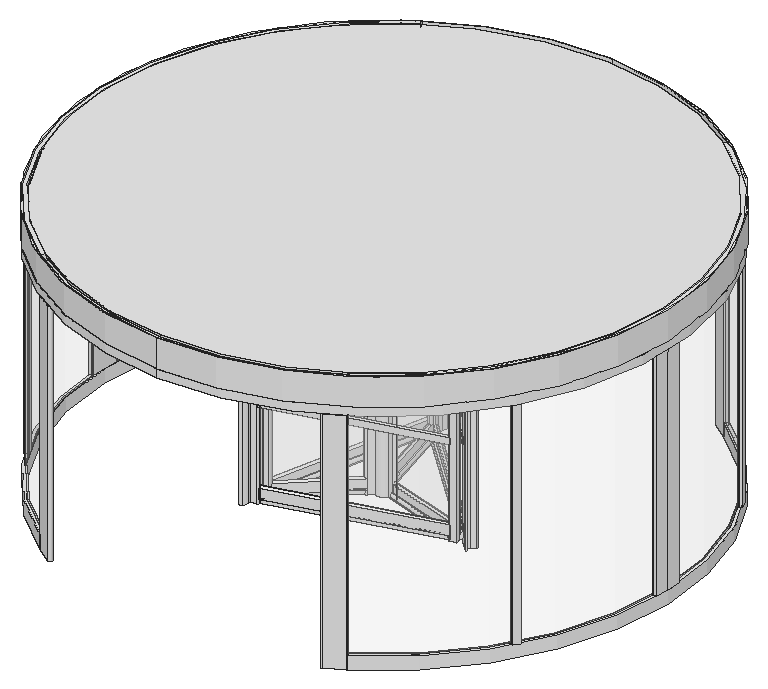
Revit family "Automatic Revolving Door RD3L", category Doors, host Wall, Revit 2019 (continued)
Lines and regions (in)
  symbolic lines, detail levels medium+fine
    curve 168: line (5.11927, -1.50476, 86.5) -> (5.18505, -1.25925, 86.5)
    curve 169: line (5.18505, -1.25925, 86.5) -> (5.83189, -1.43257, 86.5)
    curve 170: arc (5.83189, -1.43257, 86.5) -> (5.64045, -0.87543, 86.5) -> (5.14897, -0.55062, 86.5) r 0.91454
    curve 171: line (-0.03423, 3.17002, 86.5) -> (-0.56409, 5.14751, 86.5)
    curve 172: arc (-0.56409, 5.14751, 86.5) -> (-0.88254, 5.63301, 86.5) -> (-1.42927, 5.82847, 86.5) r 0.91332
    curve 173: line (-1.42927, 5.82847, 86.5) -> (-1.25712, 5.18599, 86.5)
    curve 174: line (-1.25712, 5.18599, 86.5) -> (-1.5043, 5.11976, 86.5)
    curve 175: line (-1.5043, 5.11976, 86.5) -> (-1.67645, 5.76224, 86.5)
    curve 176: arc (-1.67645, 5.76224, 86.5) -> (-2.05086, 5.31906, 86.5) -> (-2.08524, 4.73992, 86.5) r 0.91912
    curve 177: line (-2.08524, 4.73992, 86.5) -> (-1.55537, 2.76243, 86.5)
    curve 178: line (-1.55537, 2.76243, 86.5) -> (-0.03423, 3.17002, 86.5)
    curve 179: line (-23.63953, -24.75309, 86.5) -> (-3.21539, -4.32894, 86.5)
    curve 180: line (-3.21539, -4.32894, 86.5) -> (-4.32894, -3.21539, 86.5)
    curve 181: line (-4.32894, -3.21539, 86.5) -> (-24.75309, -23.63953, 86.5)
    curve 182: line (-24.75309, -23.63953, 86.5) -> (-23.63953, -24.75309, 86.5)
    curve 185: line (33.25577, -8.09608, 86.5) -> (5.35622, -0.62042, 86.5)
    curve 186: line (5.35622, -0.62042, 86.5) -> (4.94823, -2.14308, 86.5)
    curve 187: line (4.94823, -2.14308, 86.5) -> (32.84778, -9.61875, 86.5)
    curve 188: line (32.84778, -9.61875, 86.5) -> (33.25577, -8.09608, 86.5)
    curve 191: line (-0.6226, 5.35601, 87.09055) -> (-8.09835, 33.25591, 87.09055)
    curve 192: line (-8.09835, 33.25591, 87.09055) -> (-9.6195, 32.84832, 87.09055)
    curve 193: line (-9.6195, 32.84832, 87.09055) -> (-2.14374, 4.94842, 87.09055)
    curve 194: line (-2.14374, 4.94842, 87.09055) -> (-0.6226, 5.35601, 87.09055)
    curve 197: arc (-23.81646, -23.63551, 86.5) -> (-24.38746, -23.53285, 86.5) -> (-24.9062, -23.79265, 86.5) r 0.91912
    curve 198: line (-24.9062, -23.79265, 86.5) -> (-26.35382, -25.24027, 86.5)
    curve 199: line (-26.35382, -25.24027, 86.5) -> (-25.24027, -26.35382, 86.5)
    curve 200: line (-25.24027, -26.35382, 86.5) -> (-23.79265, -24.9062, 86.5)
    curve 201: arc (-23.79265, -24.9062, 86.5) -> (-23.53137, -24.38768, 86.5) -> (-23.63551, -23.81646, 86.5) r 0.91317
    curve 202: line (-23.63551, -23.81646, 86.5) -> (-24.10583, -24.28679, 86.5)
    curve 203: line (-24.10583, -24.28679, 86.5) -> (-24.28679, -24.10583, 86.5)
    curve 204: line (-24.28679, -24.10583, 86.5) -> (-23.81646, -23.63551, 86.5)
    curve 205: line (-25.18054, -23.139, 86.5) -> (-25.33016, -23.7871, 86.5)
    curve 206: line (-25.33016, -23.7871, 86.5) -> (-25.57951, -23.72954, 86.5)
    curve 207: line (-25.57951, -23.72954, 86.5) -> (-25.42989, -23.08144, 86.5)
    curve 208: arc (-25.42989, -23.08144, 86.5) -> (-25.96842, -23.29661, 86.5) -> (-26.27063, -23.79158, 86.5) r 0.9183
    curve 209: line (-26.27063, -23.79158, 86.5) -> (-26.7313, -25.78695, 86.5)
    curve 210: line (-26.7313, -25.78695, 86.5) -> (-25.19686, -26.1412, 86.5)
    curve 211: line (-25.19686, -26.1412, 86.5) -> (-24.73633, -24.14643, 86.5)
    curve 212: arc (-24.73633, -24.14643, 86.5) -> (-24.78953, -23.56824, 86.5) -> (-25.18054, -23.139, 86.5) r 0.91318
    curve 213: line (-8.6818, 35.44321, 86.5) -> (-10.20294, 35.03562, 86.5)
    curve 214: line (-10.20294, 35.03562, 86.5) -> (-9.67308, 33.05814, 86.5)
    curve 215: arc (-9.67308, 33.05814, 86.5) -> (-9.35374, 32.57378, 86.5) -> (-8.80791, 32.37718, 86.5) r 0.91912
    curve 216: line (-8.80791, 32.37718, 86.5) -> (-8.98006, 33.01966, 86.5)
    curve 217: line (-8.98006, 33.01966, 86.5) -> (-8.73287, 33.08589, 86.5)
    curve 218: line (-8.73287, 33.08589, 86.5) -> (-8.56072, 32.44341, 86.5)
    curve 219: arc (-8.56072, 32.44341, 86.5) -> (-8.18557, 32.88629, 86.5) -> (-8.15194, 33.46573, 86.5) r 0.91592
    curve 220: line (-8.15194, 33.46573, 86.5) -> (-8.6818, 35.44321, 86.5)
    curve 221: line (-7.46925, 34.64724, 86.5) -> (-8.96651, 36.04346, 86.5)
    curve 222: line (-8.96651, 36.04346, 86.5) -> (-10.04052, 34.89172, 86.5)
    curve 223: line (-10.04052, 34.89172, 86.5) -> (-8.54326, 33.4955, 86.5)
    curve 224: arc (-8.54326, 33.4955, 86.5) -> (-8.01577, 33.25397, 86.5) -> (-7.4487, 33.37649, 86.5) r 0.91912
    curve 225: line (-7.4487, 33.37649, 86.5) -> (-7.93515, 33.83012, 86.5)
    curve 226: line (-7.93515, 33.83012, 86.5) -> (-7.76062, 34.01727, 86.5)
    curve 227: line (-7.76062, 34.01727, 86.5) -> (-7.27417, 33.56365, 86.5)
    curve 228: arc (-7.27417, 33.56365, 86.5) -> (-7.1915, 34.13789, 86.5) -> (-7.46925, 34.64724, 86.5) r 0.91912
    curve 229: line (-10.81516, 36.15279, 86.5) -> (-10.00037, 39.682, 86.5)
    curve 230: line (-10.00037, 39.682, 86.5) -> (-10.11139, 39.70763, 86.5)
    curve 231: line (-10.11139, 39.70763, 86.5) -> (-9.64253, 41.70452, 86.5)
    curve 232: line (-9.64253, 41.70452, 86.5) -> (-9.85736, 41.75412, 86.5)
    curve 233: line (-9.85736, 41.75412, 86.5) -> (-10.30593, 39.81115, 86.5)
    curve 234: line (-10.30593, 39.81115, 86.5) -> (-10.43297, 39.84048, 86.5)
    curve 235: line (-10.43297, 39.84048, 86.5) -> (-11.76138, 40.75292, 86.5)
    curve 236: arc (-11.76138, 40.75292, 86.5) -> (-12.45307, 41.17584, 86.5) -> (-13.21794, 41.44468, 86.5) r 3.85376
    curve 237: arc (-13.21794, 41.44468, 86.5) -> (-13.76566, 41.24932, 86.5) -> (-13.81081, 40.66955, 86.5) r 0.53446
    curve 238: arc (-13.81081, 40.66955, 86.5) -> (-13.14647, 39.63497, 86.5) -> (-12.33813, 38.70853, 86.5) r 8.39403
    curve 239: line (-12.33813, 38.70853, 86.5) -> (-11.8664, 38.59962, 86.5)
    curve 240: line (-11.8664, 38.59962, 86.5) -> (-12.35219, 36.49543, 86.5)
    curve 241: arc (-12.35219, 36.49543, 86.5) -> (-12.29618, 35.92242, 86.5) -> (-11.90538, 35.49961, 86.5) r 0.90336
    curve 242: line (-11.90538, 35.49961, 86.5) -> (-11.75576, 36.14771, 86.5)
    curve 243: line (-11.75576, 36.14771, 86.5) -> (-11.50641, 36.09015, 86.5)
    curve 244: line (-11.50641, 36.09015, 86.5) -> (-11.65604, 35.44205, 86.5)
    curve 245: arc (-11.65604, 35.44205, 86.5) -> (-11.1164, 35.65639, 86.5) -> (-10.81516, 36.15279, 86.5) r 0.91294
    curve 246: line (35.44506, -8.6823, 86.5) -> (33.4636, -8.15137, 86.5)
    curve 247: arc (33.4636, -8.15137, 86.5) -> (32.88426, -8.18652, 86.5) -> (32.44236, -8.56283, 86.5) r 0.91592
    curve 248: line (32.44236, -8.56283, 86.5) -> (33.0846, -8.73491, 86.5)
    curve 249: line (33.0846, -8.73491, 86.5) -> (33.01882, -8.98042, 86.5)
    curve 250: line (33.01882, -8.98042, 86.5) -> (32.37629, -8.80825, 86.5)
    curve 251: arc (32.37629, -8.80825, 86.5) -> (32.57308, -9.35554, 86.5) -> (33.06, -9.67357, 86.5) r 0.91472
    curve 252: line (33.06, -9.67357, 86.5) -> (35.03748, -10.20344, 86.5)
    curve 253: line (35.03748, -10.20344, 86.5) -> (35.44506, -8.6823, 86.5)
    curve 254: line (39.29656, -8.95289, 86.5) -> (37.79052, -7.54849, 86.5)
    curve 255: arc (37.79052, -7.54849, 86.5) -> (37.2611, -7.31626, 86.5) -> (36.69626, -7.43944, 86.5) r 0.93576
    curve 256: line (36.69626, -7.43944, 86.5) -> (37.18272, -7.89307, 86.5)
    curve 257: line (37.18272, -7.89307, 86.5) -> (37.00819, -8.08023, 86.5)
    curve 258: line (37.00819, -8.08023, 86.5) -> (36.52173, -7.6266, 86.5)
    curve 259: arc (36.52173, -7.6266, 86.5) -> (36.43766, -8.20109, 86.5) -> (36.71681, -8.71019, 86.5) r 0.91341
    curve 260: line (36.71681, -8.71019, 86.5) -> (39.36581, -11.18042, 86.5)
    curve 261: line (39.36581, -11.18042, 86.5) -> (39.4383, -11.10268, 86.5)
    curve 262: line (39.4383, -11.10268, 86.5) -> (40.93844, -12.50159, 86.5)
    curve 263: line (40.93844, -12.50159, 86.5) -> (41.08881, -12.34034, 86.5)
    curve 264: line (41.08881, -12.34034, 86.5) -> (39.60175, -11.01309, 86.5)
    curve 265: line (39.60175, -11.01309, 86.5) -> (39.72506, -10.88086, 86.5)
    curve 266: line (39.72506, -10.88086, 86.5) -> (41.17375, -10.19081, 86.5)
    curve 267: arc (41.17375, -10.19081, 86.5) -> (41.88586, -9.80324, 86.5) -> (42.50112, -9.27527, 86.5) r 3.85376
    curve 268: arc (42.50112, -9.27527, 86.5) -> (42.59672, -8.68267, 86.5) -> (42.08131, -8.37498, 86.5) r 0.53446
    curve 269: arc (42.08131, -8.37498, 86.5) -> (40.94766, -8.34354, 86.5) -> (39.84532, -8.61, 86.5) r 4.29379
    curve 270: arc (39.84532, -8.61, 86.5) -> (39.5547, -8.75545, 86.5) -> (39.29656, -8.95289, 86.5) r 1.72307
    curve 271: line (33.74001, -10.85506, 86.5) -> (35.81075, -10.22198, 86.5)
    curve 272: line (35.81075, -10.22198, 86.5) -> (35.35032, -8.71598, 86.5)
    curve 273: line (35.35032, -8.71598, 86.5) -> (33.27959, -9.34907, 86.5)
    curve 274: arc (33.27959, -9.34907, 86.5) -> (32.80542, -9.68421, 86.5) -> (32.62924, -10.23748, 86.5) r 0.91298
    curve 275: line (32.62924, -10.23748, 86.5) -> (33.26532, -10.04302, 86.5)
    curve 276: line (33.26532, -10.04302, 86.5) -> (33.34014, -10.28774, 86.5)
    curve 277: line (33.34014, -10.28774, 86.5) -> (32.70406, -10.48221, 86.5)
    curve 278: arc (32.70406, -10.48221, 86.5) -> (33.16003, -10.84092, 86.5) -> (33.74001, -10.85506, 86.5) r 0.91912
    curve 279: line (-25.90165, -27.44259, 86.5) -> (-29.36544, -28.50158, 86.5)
    curve 280: line (-29.36544, -28.50158, 86.5) -> (-29.33185, -28.61144, 86.5)
    curve 281: line (-29.33185, -28.61144, 86.5) -> (-31.2934, -29.21115, 86.5)
    curve 282: line (-31.2934, -29.21115, 86.5) -> (-31.23396, -29.40557, 86.5)
    curve 283: line (-31.23396, -29.40557, 86.5) -> (-29.3257, -28.82215, 86.5)
    curve 284: line (-29.3257, -28.82215, 86.5) -> (-29.28505, -28.95512, 86.5)
    curve 285: line (-29.28505, -28.95512, 86.5) -> (-29.41238, -30.56211, 86.5)
    curve 286: arc (-29.41238, -30.56211, 86.5) -> (-29.41192, -31.37092, 86.5) -> (-29.28318, -32.16941, 86.5) r 5.08326
    curve 287: arc (-29.28318, -32.16941, 86.5) -> (-28.84247, -32.56407, 86.5) -> (-28.31546, -32.29529, 86.5) r 0.52312
    curve 288: arc (-28.31546, -32.29529, 86.5) -> (-27.67031, -31.26186, 86.5) -> (-27.35798, -30.08429, 86.5) r 4.09217
    curve 289: arc (-27.35798, -30.08429, 86.5) -> (-27.35725, -30.04496, 86.5) -> (-27.36367, -30.00615, 86.5) r 0.21586
    curve 290: line (-27.36367, -30.00615, 86.5) -> (-27.49503, -29.5765, 86.5)
    curve 291: line (-27.49503, -29.5765, 86.5) -> (-25.4367, -28.9472, 86.5)
    curve 292: arc (-25.4367, -28.9472, 86.5) -> (-24.96508, -28.61143, 86.5) -> (-24.78952, -28.05976, 86.5) r 0.91469
    curve 293: line (-24.78952, -28.05976, 86.5) -> (-25.42585, -28.2543, 86.5)
    curve 294: line (-25.42585, -28.2543, 86.5) -> (-25.50067, -28.00958, 86.5)
    curve 295: line (-25.50067, -28.00958, 86.5) -> (-24.8657, -27.81545, 86.5)
    curve 296: arc (-24.8657, -27.81545, 86.5) -> (-25.32115, -27.45529, 86.5) -> (-25.90165, -27.44259, 86.5) r 0.91299
    curve 297: line (33.07194, -9.4105, 86.5) -> (-25.69405, -27.37707, 86.5)
    curve 298: line (-25.69405, -27.37707, 86.5) -> (-25.23316, -28.88457, 86.5)
    curve 299: line (-25.23316, -28.88457, 86.5) -> (33.53283, -10.918, 86.5)
    curve 300: line (33.53283, -10.918, 86.5) -> (33.07194, -9.4105, 86.5)
    curve 303: line (-24.68762, -23.93544, 86.5) -> (-10.86387, 35.9418, 86.5)
    curve 304: line (-10.86387, 35.9418, 86.5) -> (-12.39831, 36.29605, 86.5)
    curve 305: line (-12.39831, 36.29605, 86.5) -> (-26.22206, -23.58119, 86.5)
    curve 306: line (-26.22206, -23.58119, 86.5) -> (-24.68762, -23.93544, 86.5)
    curve 309: line (-8.38316, 33.34969, 86.5) -> (-7.30914, 34.50143, 86.5)
    curve 310: line (-8.38316, 33.34969, 86.5) -> (36.56018, -8.56065, 86.5)
    curve 311: line (37.6342, -7.40891, 86.5) -> (-7.30914, 34.50143, 86.5)
    curve 314: line (36.56018, -8.56065, 86.5) -> (37.6342, -7.40891, 86.5)
Text (in)
  text "Exterior" at (-90.35496, 43.28909, 0), in view "Ref. Level"
  text "Exterior" at (0, 63.59764, 145.59372), in view "Left"
  text "Exterior" at (0, 40.78868, 152.55637), in view "Right"
Dimensions and locks (in)
  equal spacing: plane 3 "Left", plane 2 "Center (Left/Right)", plane 4 "Right"
  "Width": plane 3 "Left" to plane 4 "Right"
  locked: plane 5 "Exterior" to host wall at 0
  locked: plane 6 "Interior" to host wall
  "TW": plane 7 to plane 8
  equal spacing: plane 7, plane 2 "Center (Left/Right)", plane 8
  locked: plane 9 to plane 7 at 6.49606
  locked: plane 8 to plane 10 at 6.49606
  "Radius 1": curve 2 to curve 2
  "Radius 1": curve 3 to curve 3
  "Radius 1": curve 4 to curve 4
  "Radius 1": curve 5 to curve 5
  "Radius 1": curve 6 to curve 6
  "Radius 1": curve 7 to curve 7
  "Radius 1": curve 8 to curve 8
  "Radius 1": curve 9 to curve 9
  "Radius 1": curve 10 to curve 10
  "Radius 1": curve 11 to curve 11
  Sweep 13 sketch curve to Sweep 13 sketch curve to Sweep 13 sketch curve to Sweep 13 sketch curve to Sweep 13 sketch curve to plane 4 "Right" = 0' - 2.3622" locked, 0' - 3.54331" locked, 0' - 0.15748" locked, 0' - 0.43418" locked, 0' - 1.73117" locked
  "Wing Length": curve 12 to curve 12
  "Wing Length": curve 13 to curve 13
  "Wing Length": curve 14 to curve 14
  curve 14 to Sweep 24 sketch curve to Sweep 24 sketch curve to Sweep 24 sketch curve to Sweep 24 sketch curve to Sweep 24 sketch curve to Sweep 24 sketch curve to Sweep 24 sketch curve to Sweep 24 sketch curve = 0' - 0.23622" locked, 0' - 2.04724" locked, 0' - 0" locked, 0' - 0" locked, 0' - 0.0024" locked, 0' - 0.21414" locked, 0' - 0.66514" locked, 0' - 0" locked
  curve 14 to Sweep 24 sketch curve to Sweep 24 sketch curve to Sweep 24 sketch curve to Sweep 24 sketch curve to Sweep 24 sketch curve to Sweep 24 sketch curve = 0' - 3.07087" locked, 0' - 2.04724" locked, 0' - 0.00435" locked, 0' - 0.21219" locked, 0' - 0.66514" locked, 0' - 0" locked
  curve 12 to Sweep 20 sketch curve to Sweep 20 sketch curve to Sweep 20 sketch curve to Sweep 20 sketch curve to Sweep 20 sketch curve to Sweep 20 sketch curve to Sweep 20 sketch curve = 0' - 3.06879" locked, 0' - 2.05001" locked, 0' - 0" locked, 0' - 0.00249" locked, 0' - 0.213" locked, 0' - 0.66026" locked, 0' - 0.00939" locked
  Sweep 20 sketch curve to Sweep 20 sketch curve to Sweep 20 sketch curve to Sweep 20 sketch curve to Sweep 20 sketch curve to Sweep 20 sketch curve to curve 12 = 0' - 0.00029" locked, 0' - 0.6649" locked, 0' - 0.21505" locked, 0' - 0.00412" locked, 0' - 2.04724" locked, 0' - 0.2343" locked
  Sweep 22 sketch curve to Sweep 22 sketch curve to Sweep 22 sketch curve to Sweep 22 sketch curve to Sweep 22 sketch curve to Sweep 22 sketch curve to curve 13 = 0' - 0" locked, 0' - 0.66514" locked, 0' - 0.21208" locked, 0' - 0.00446" locked, 0' - 2.04724" locked, 0' - 0.23622" locked
  curve 13 to Sweep 22 sketch curve to Sweep 22 sketch curve to Sweep 22 sketch curve to Sweep 22 sketch curve to Sweep 22 sketch curve to Sweep 22 sketch curve = 0' - 3.07087" locked, 0' - 2.04724" locked, 0' - 0" locked, 0' - 0.21654" locked, 0' - 0.66514" locked, 0' - 0" locked
  "Folding Length": curve 17 to curve 17
  Sweep 30 sketch curve to curve 17 to Sweep 30 sketch curve to Sweep 30 sketch curve to Sweep 30 sketch curve to Sweep 30 sketch curve to Sweep 30 sketch curve to Sweep 30 sketch curve to Sweep 30 sketch curve = 0' - 0.11811" locked, 0' - 2.04724" locked, 0' - 0" locked, 0' - 0" locked, 0' - 0.00461" locked, 0' - 0.21193" locked, 0' - 0.66514" locked, 0' - 0" locked
  Sweep 30 sketch curve to Sweep 30 sketch curve to Sweep 30 sketch curve to Sweep 30 sketch curve to Sweep 30 sketch curve to Sweep 30 sketch curve to Sweep 30 sketch curve to Sweep 30 sketch curve to Sweep 30 sketch curve to Sweep 30 sketch curve to Sweep 30 sketch curve to Sweep 30 sketch curve to curve 17 to Sweep 30 sketch curve to Sweep 30 sketch curve = 0' - 0.00142" locked, 0' - 0.42249" locked, 0' - 0.2415" locked, 0' - 0.21296" locked, 0' - 0" locked, 0' - 0.00014" locked, 0' - 0.0046" locked, 0' - 2.14764" locked, 0' - 1.47441" locked, 0' - 0.05573" locked, 0' - 0.41572" locked, 0' - 1.53643" locked, 0' - 0.04331" locked, 0' - 0.25043" locked
  Sweep 26 sketch curve to curve 15 to Sweep 26 sketch curve to Sweep 26 sketch curve to Sweep 26 sketch curve to Sweep 26 sketch curve to Sweep 26 sketch curve to Sweep 26 sketch curve to Sweep 26 sketch curve = 0' - 0" locked, 0' - 2.04724" locked, 0' - 0" locked, 0' - 0" locked, 0' - 0" locked, 0' - 0.21654" locked, 0' - 0.66514" locked, 0' - 0" locked
  Sweep 26 sketch curve to Sweep 26 sketch curve to curve 15 to Sweep 26 sketch curve to Sweep 26 sketch curve to Sweep 26 sketch curve to Sweep 26 sketch curve to Sweep 26 sketch curve to Sweep 26 sketch curve to Sweep 26 sketch curve to Sweep 26 sketch curve to Sweep 26 sketch curve = 0' - 0.41153" locked, 0' - 0.04331" locked, 0' - 1.54861" locked, 0' - 0.31058" locked, 0' - 0.09024" locked, 0' - 0.05844" locked, 0' - 3.62205" locked, 0' - 0.00702" locked, 0' - 0.20952" locked, 0' - 0.66514" locked, 0' - 0" locked
  Sweep 28 sketch curve to Sweep 28 sketch curve to Sweep 28 sketch curve to Sweep 28 sketch curve to Sweep 28 sketch curve to Sweep 28 sketch curve to Sweep 28 sketch curve to curve 16 to Sweep 28 sketch curve = 0' - 0" locked, 0' - 0.66514" locked, 0' - 0.21208" locked, 0' - 0.00384" locked, 0' - 0" locked, 0' - 0.00061" locked, 0' - 2.04724" locked, 0' - 0" locked
  Sweep 28 sketch curve to Sweep 28 sketch curve to curve 16 to Sweep 28 sketch curve to Sweep 28 sketch curve to Sweep 28 sketch curve to Sweep 28 sketch curve to Sweep 28 sketch curve to Sweep 28 sketch curve to Sweep 28 sketch curve to Sweep 28 sketch curve to Sweep 28 sketch curve to Sweep 28 sketch curve to Sweep 28 sketch curve to Sweep 28 sketch curve to Sweep 28 sketch curve = 0' - 3.61658" locked, 0' - 0.04331" locked, 0' - 1.36054" locked, 0' - 0.18807" locked, 0' - 0.40216" locked, 0' - 0.0571" locked, 0' - 1.47441" locked, 0' - 1.38559" locked, 0' - 0.76206" locked, 0' - 0.00463" locked, 0' - 0.00726" locked, 0' - 0" locked, 0' - 0.20464" locked, 0' - 0.66514" locked, 0' - 0" locked
  "Folding Length": curve 15 to curve 15
  curve 17 to curve 17 = 5' - 9 9/16"
  "Folding Length": curve 16 to curve 16
  "HF Calc": plane 11 to level
  "HI Calc": plane 12 to level
  locked: plane 11 to Sweep 1 sketch curve at 0.5096
  locked: plane 11 to Sweep 4 sketch curve at 0.50873
  Sweep 18 sketch curve to Sweep 18 sketch curve to plane 12 = 0' - 2.55906" locked, 0' - 0.59055" locked
  Sweep 44 sketch curve to Sweep 44 sketch curve to plane 12 = 0' - 1.02362" locked, 0' - 3.14961" locked
  Sweep 13 sketch curve to Sweep 13 sketch curve to Sweep 13 sketch curve to plane 12 = 0' - 0.98425" locked, 0' - 3.14961" locked, 0' - 3.14961" locked
  Sweep 13 sketch curve to plane 13 to Sweep 13 sketch curve to Sweep 13 sketch curve to Sweep 13 sketch curve = 0' - 0" locked, 0' - 0.63419" locked, 0' - 1.55917" locked, 0' - 0.98425" locked
  Sweep 3 sketch curve to Sweep 3 sketch curve to Sweep 3 sketch curve to plane 12 = 0' - 0.98425" locked, 0' - 3.14961" locked, 0' - 3.14961" locked
  plane 13 to Sweep 3 sketch curve to Sweep 3 sketch curve to Sweep 3 sketch curve to Sweep 3 sketch curve = 0' - 0" locked, 0' - 0.63419" locked, 0' - 1.55917" locked, 0' - 0.98425" locked
  locked: Sweep 45 sketch curve to plane 12 at 3.14961
  locked: plane 13 to Extrusion 6 at 0.62992
  locked: plane 12 to Sweep 21 sketch curve at 1.57629
  locked: Sweep 21 sketch curve to level at 4.87159
  locked: plane 12 to Sweep 31 sketch curve at 1.57629
  locked: Sweep 31 sketch curve to level at 5.87552
  locked: plane 12 to Sweep 23 sketch curve at 1.5735
  locked: Sweep 23 sketch curve to level at 4.87303
  locked: plane 12 to Sweep 25 sketch curve at 1.5735
  locked: Sweep 25 sketch curve to level at 4.87227
  locked: plane 12 to Sweep 29 sketch curve at 1.5748
  locked: Sweep 29 sketch curve to level at 4.94639
  locked: plane 12 to Sweep 27 sketch curve at 1.57465
  locked: Sweep 27 sketch curve to level at 4.87402
  "Above Panel Height Calc": plane 13 to plane 12
  locked: Sweep 5 sketch curve to plane 12 at 0.59055
  locked: Sweep 2 sketch curve to plane 12 at 0.59055
  "Midrail Height Calc": plane 14 to level
  "Radius 1": radius of Sweep 1 sketch curve
  "Radius 1": radius of Sweep 4 sketch curve
  "Radius 1": radius of Sweep 5 sketch curve
  "Distance": radius of Extrusion 6 sketch curve
  "Radius 1": radius of Sweep 2 sketch curve
  "Radius 1": radius of Sweep 13 sketch curve
  radius of Sweep 30 sketch curve = 0' - 0.91299"
  radius of Sweep 30 sketch curve = 0' - 4.09217"
  radius of Sweep 30 sketch curve = 0' - 0.52312"
  radius of Sweep 30 sketch curve = 0' - 5.08326"
  radius of Sweep 26 sketch curve = 0' - 3.85376"
  radius of Sweep 26 sketch curve = 0' - 0.53446"
  radius of Sweep 26 sketch curve = 0' - 1.72307"
  radius of Sweep 26 sketch curve = 0' - 4.29379"
  radius of Sweep 26 sketch curve = 0' - 0.93576"
  radius of Sweep 26 sketch curve = 0' - 0.91341"
  "Distance": radius of Sweep 44 sketch curve
  "Radous 4": radius of Sweep 45 sketch curve
  "Radius 2": radius of Sweep 45 sketch curve
  locked: curve 2 to host wall (angle 30.00°)
  locked: host wall to curve 4 (angle 30.00°)
  angle host wall to curve 5 = 0.00°
  locked: host wall to curve 6 (angle 30.00°)
  locked: curve 7 to host wall (angle 30.00°)
  "Frame angle": angle curve 8 to plane 2 "Center (Left/Right)"
  "Frame angle": angle curve 9 to plane 2 "Center (Left/Right)"
  "Frame angle": angle plane 2 "Center (Left/Right)" to curve 10
  "Frame angle": angle plane 2 "Center (Left/Right)" to curve 11
  locked: curve 13 to curve 12 (angle 120.00°)
  angle curve 14 to curve 13 = 120.00°  (x2)
  locked: curve 12 to curve 14 (angle 120.00°)
  "Rotation Angle Calc": angle plane 1 to curve 13
  "Folding Angle": angle curve 14 to curve 15
  "Folding Angle": angle curve 13 to curve 16
  "Folding Angle": angle curve 12 to curve 17
  aligned and locked: host wall to plane 1
  aligned and locked: Opening 1 sketch curve to plane 3 "Left"
  aligned and locked: level to Opening 1 sketch curve
  aligned and locked: plane 4 "Right" to Opening 1 sketch curve
  aligned and locked: plane 9 to Sweep 1 sketch curve  (x2)
  aligned and locked: plane 2 "Center (Left/Right)" to Sweep 2 sketch curve
  aligned and locked: host wall to Sweep 2 sketch curve
  aligned and locked: plane 2 "Center (Left/Right)" to Sweep 5 sketch curve
  aligned and locked: host wall to Sweep 5 sketch curve
  aligned and locked: plane 10 to Sweep 13 sketch curve  (x2)
  aligned and locked: plane 2 "Center (Left/Right)" to Sweep 13 sketch curve
  aligned and locked: host wall to Sweep 13 sketch curve
  aligned and locked: level to Sweep 14 sketch curve
  aligned and locked: plane 10 to Sweep 5 sketch curve  (x2)
  aligned and locked: Sweep 1 to Sweep 7 sketch curve
  aligned and locked: Sweep 1 to Sweep 9 sketch curve
  aligned and locked: Sweep 1 to Sweep 8 sketch curve
  aligned and locked: plane 3 "Left" to Sweep 3 sketch curve
  aligned and locked: Sweep 18 sketch curve to Sweep 18 sketch curve
  aligned and locked: Sweep 13 sketch curve to plane 4 "Right"
  aligned and locked: plane 2 "Center (Left/Right)" to curve 13
  aligned and locked: plane 1 to curve 14
  aligned and locked: Sweep 25 sketch curve to Sweep 24  (x2)
  aligned and locked: Sweep 21 sketch curve to Sweep 20  (x2)
  aligned and locked: Sweep 31 sketch curve to Sweep 30  (x2)
  aligned and locked: Sweep 27 sketch curve to Sweep 26  (x2)
  aligned and locked: Sweep 29 sketch curve to Sweep 28  (x2)
  aligned and locked: curve 12 to curve 17
  aligned and locked: level to Sweep 1 sketch curve
  aligned and locked: Sweep 2 sketch curve to Sweep 1
  aligned and locked: Sweep 1 sketch curve to plane 11  (x2)
  aligned and locked: level to Sweep 19 sketch curve
  aligned and locked: plane 12 to Sweep 19 sketch curve
  aligned and locked: level to Sweep 15 sketch curve
  aligned and locked: level to Sweep 17 sketch curve
  aligned and locked: plane 12 to Sweep 17 sketch curve
  aligned and locked: plane 11 to Sweep 4 sketch curve  (x2)
  aligned and locked: level to Sweep 4 sketch curve
  aligned and locked: Sweep 5 sketch curve to Sweep 4
  aligned and locked: plane 11 to Sweep 12 sketch curve
  aligned and locked: plane 12 to Sweep 12 sketch curve
  aligned and locked: plane 12 to Sweep 11 sketch curve
  aligned and locked: plane 11 to Sweep 11 sketch curve
  aligned and locked: plane 12 to Sweep 10 sketch curve
  aligned and locked: plane 11 to Sweep 10 sketch curve
  aligned and locked: Sweep 18 sketch curve to plane 12
  aligned and locked: plane 1 to Sweep 44 sketch curve
  aligned and locked: plane 2 "Center (Left/Right)" to Sweep 44 sketch curve
  aligned and locked: plane 13 to Sweep 45 sketch curve
  aligned and locked: plane 2 "Center (Left/Right)" to Sweep 45 sketch curve  (x2)
  aligned and locked: plane 1 to Sweep 45 sketch curve  (x2)
  aligned and locked: plane 13 to Extrusion 6
  aligned and locked: plane 12 to Sweep 20 sketch curve
  aligned and locked: level to Sweep 20 sketch curve
  aligned and locked: plane 12 to Sweep 22 sketch curve
  aligned and locked: level to Sweep 22 sketch curve
  aligned and locked: plane 12 to Sweep 24 sketch curve
  aligned and locked: level to Sweep 24 sketch curve
  aligned and locked: Sweep 32 sketch curve to plane 12
  aligned and locked: Sweep 33 sketch curve to level
  aligned and locked: plane 12 to Sweep 30 sketch curve
  aligned and locked: level to Sweep 30 sketch curve
  aligned and locked: Sweep 34 sketch curve to plane 12
  aligned and locked: Sweep 35 sketch curve to level
  aligned and locked: Sweep 37 sketch curve to plane 12
  aligned and locked: Sweep 41 sketch curve to plane 12
  aligned and locked: plane 12 to Sweep 28 sketch curve
  aligned and locked: level to Sweep 28 sketch curve
  aligned and locked: plane 12 to Sweep 26 sketch curve
  aligned and locked: level to Sweep 26 sketch curve
  aligned and locked: Sweep 36 sketch curve to plane 12
  aligned and locked: Sweep 42 sketch curve to level
  aligned and locked: Sweep 39 sketch curve to level
  aligned and locked: Sweep 38 sketch curve to level
  aligned and locked: Sweep 40 sketch curve to level
  aligned and locked: Opening 1 sketch curve to plane 13
  aligned and locked: plane 12 to Sweep 9 sketch curve
  aligned and locked: plane 12 to Sweep 8 sketch curve
  aligned and locked: plane 12 to Sweep 7 sketch curve
  aligned and locked: plane 12 to Sweep 43 sketch curve
  aligned and locked: Sweep 46 sketch curve to curve 15
  aligned and locked: Sweep 46 sketch curve to Sweep 42
  aligned and locked: Sweep 46 sketch curve to Sweep 43
  aligned and locked: Sweep 47 sketch curve to curve 16
  aligned and locked: Sweep 47 sketch curve to Sweep 39  (x2)
  aligned and locked: Sweep 48 sketch curve to curve 17
  aligned and locked: Sweep 48 sketch curve to Sweep 34
  aligned and locked: Sweep 48 sketch curve to Sweep 35
  aligned and locked: curve 20 to Sweep 45
  aligned and locked: curve 21 to Sweep 45
  aligned and locked: curve 22 to Sweep 16
  aligned and locked: curve 23 to Sweep 16
  aligned and locked: curve 24 to Sweep 16
  aligned and locked: curve 25 to Sweep 16
  aligned and locked: curve 26 to Sweep 16
  aligned and locked: curve 27 to Sweep 16
  aligned and locked: curve 28 to Sweep 16
  aligned and locked: curve 29 to Sweep 16
  aligned and locked: Sweep 2 sketch curve to Sweep 14
  aligned and locked: Sweep 16 to Sweep 2 sketch curve
  aligned and locked: plane 10 to Sweep 4 sketch curve  (x2)
  aligned and locked: curve 30 to Sweep 2
  aligned and locked: curve 31 to Sweep 2
  aligned and locked: curve 32 to Sweep 2
  aligned and locked: curve 33 to Sweep 2
  aligned and locked: curve 34 to Sweep 1
  aligned and locked: curve 35 to Sweep 1
  aligned and locked: curve 36 to Sweep 1
  aligned and locked: curve 37 to Sweep 1
  aligned and locked: curve 38 to Sweep 3
  aligned and locked: curve 39 to Sweep 3
  aligned and locked: curve 40 to Sweep 3
  aligned and locked: curve 41 to Sweep 3
  aligned and locked: curve 42 to Sweep 7
  aligned and locked: curve 43 to Sweep 7
  aligned and locked: curve 44 to Sweep 7
  aligned and locked: curve 45 to Sweep 7
  aligned and locked: curve 46 to Sweep 7
  aligned and locked: curve 47 to Sweep 7
  aligned and locked: curve 48 to Sweep 7
  aligned and locked: curve 49 to Sweep 7
  aligned and locked: curve 50 to Sweep 7
  aligned and locked: curve 51 to Sweep 7
  aligned and locked: curve 52 to Sweep 7
  aligned and locked: curve 53 to Sweep 7
  aligned and locked: curve 54 to Sweep 8
  aligned and locked: curve 55 to Sweep 8
  aligned and locked: curve 56 to Sweep 8
  aligned and locked: curve 57 to Sweep 8
  aligned and locked: curve 58 to Sweep 8
  aligned and locked: curve 59 to Sweep 8
  aligned and locked: curve 60 to Sweep 8
  aligned and locked: curve 61 to Sweep 8
  aligned and locked: curve 62 to Sweep 8
  aligned and locked: curve 63 to Sweep 8
  aligned and locked: curve 64 to Sweep 8
  aligned and locked: curve 65 to Sweep 8
  aligned and locked: curve 66 to Sweep 9
  aligned and locked: curve 67 to Sweep 9
  aligned and locked: curve 68 to Sweep 9
  aligned and locked: curve 69 to Sweep 9
  aligned and locked: curve 70 to Sweep 9
  aligned and locked: curve 71 to Sweep 9
  aligned and locked: curve 72 to Sweep 9
  aligned and locked: curve 73 to Sweep 9
  aligned and locked: curve 74 to Sweep 9
  aligned and locked: curve 75 to Sweep 9
  aligned and locked: curve 76 to Sweep 9
  aligned and locked: curve 77 to Sweep 9
  aligned and locked: curve 78 to Sweep 14
  aligned and locked: curve 79 to Sweep 14
  aligned and locked: curve 80 to Sweep 14
  aligned and locked: curve 81 to Sweep 14
  aligned and locked: curve 82 to Sweep 14
  aligned and locked: curve 83 to Sweep 14
  aligned and locked: curve 84 to Sweep 14
  aligned and locked: curve 85 to Sweep 14
  aligned and locked: curve 86 to Sweep 17
  aligned and locked: curve 87 to Sweep 17
  aligned and locked: curve 88 to Sweep 17
  aligned and locked: curve 89 to Sweep 17
  aligned and locked: curve 90 to Sweep 17
  aligned and locked: curve 91 to Sweep 17
  aligned and locked: curve 92 to Sweep 17
  aligned and locked: curve 93 to Sweep 17
  aligned and locked: curve 94 to Sweep 17
  aligned and locked: curve 95 to Sweep 13
  aligned and locked: curve 96 to Sweep 13
  aligned and locked: curve 97 to Sweep 13
  aligned and locked: curve 98 to Sweep 13
  aligned and locked: curve 99 to Sweep 4
  aligned and locked: curve 100 to Sweep 4
  aligned and locked: curve 101 to Sweep 4
  aligned and locked: curve 102 to Sweep 4
  aligned and locked: curve 103 to Sweep 5
  aligned and locked: curve 104 to Sweep 5
  aligned and locked: curve 105 to Sweep 5
  aligned and locked: curve 106 to Sweep 5
  aligned and locked: curve 107 to Sweep 12
  aligned and locked: curve 108 to Sweep 12
  aligned and locked: curve 109 to Sweep 12
  aligned and locked: curve 110 to Sweep 12
  aligned and locked: curve 111 to Sweep 12
  aligned and locked: curve 112 to Sweep 12
  aligned and locked: curve 113 to Sweep 12
  aligned and locked: curve 114 to Sweep 12
  aligned and locked: curve 115 to Sweep 12
  aligned and locked: curve 116 to Sweep 12
  aligned and locked: curve 117 to Sweep 12
  aligned and locked: curve 118 to Sweep 12
  aligned and locked: curve 119 to Sweep 10
  aligned and locked: curve 120 to Sweep 10
  aligned and locked: curve 121 to Sweep 10
  aligned and locked: curve 122 to Sweep 10
  aligned and locked: curve 123 to Sweep 10
  aligned and locked: curve 124 to Sweep 10
  aligned and locked: curve 125 to Sweep 10
  aligned and locked: curve 126 to Sweep 10
  aligned and locked: curve 127 to Sweep 10
  aligned and locked: curve 128 to Sweep 10
  aligned and locked: curve 129 to Sweep 10
  aligned and locked: curve 130 to Sweep 10
  aligned and locked: curve 131 to Sweep 10
  aligned and locked: curve 132 to Sweep 11
  aligned and locked: curve 133 to Sweep 11
  aligned and locked: curve 134 to Sweep 11
  aligned and locked: curve 135 to Sweep 11
  aligned and locked: curve 136 to Sweep 11
  aligned and locked: curve 137 to Sweep 11
  aligned and locked: curve 138 to Sweep 11
  aligned and locked: curve 139 to Sweep 11
  aligned and locked: curve 140 to Sweep 11
  aligned and locked: curve 141 to Sweep 11
  aligned and locked: curve 142 to Sweep 11
  aligned and locked: curve 143 to Sweep 11
  aligned and locked: curve 144 to Sweep 15
  aligned and locked: curve 145 to Sweep 15
  aligned and locked: curve 146 to Sweep 15
  aligned and locked: curve 147 to Sweep 15
  aligned and locked: curve 148 to Sweep 15
  aligned and locked: curve 149 to Sweep 15
  aligned and locked: curve 150 to Sweep 15
  aligned and locked: curve 151 to Sweep 15
  aligned and locked: curve 152 to Sweep 15
  aligned and locked: curve 153 to Sweep 19
  aligned and locked: curve 154 to Sweep 19
  aligned and locked: curve 156 to Sweep 22
  aligned and locked: curve 157 to Sweep 22
  aligned and locked: curve 158 to Sweep 22
  aligned and locked: curve 159 to Sweep 22
  aligned and locked: curve 160 to Sweep 22
  aligned and locked: curve 161 to Sweep 22
  aligned and locked: curve 162 to Sweep 22
  aligned and locked: curve 163 to Sweep 20
  aligned and locked: curve 164 to Sweep 20
  aligned and locked: curve 165 to Sweep 20
  aligned and locked: curve 166 to Sweep 20
  aligned and locked: curve 167 to Sweep 20
  aligned and locked: curve 168 to Sweep 20
  aligned and locked: curve 169 to Sweep 20
  aligned and locked: curve 170 to Sweep 20
  aligned and locked: curve 171 to Sweep 24
  aligned and locked: curve 172 to Sweep 24
  aligned and locked: curve 173 to Sweep 24
  aligned and locked: curve 174 to Sweep 24
  aligned and locked: curve 175 to Sweep 24
  aligned and locked: curve 176 to Sweep 24
  aligned and locked: curve 178 to Sweep 24
  aligned and locked: curve 179 to Sweep 37
  aligned and locked: curve 180 to Sweep 37
  aligned and locked: curve 181 to Sweep 37
  aligned and locked: curve 182 to Sweep 37
  aligned and locked: curve 183 to Sweep 37
  aligned and locked: curve 184 to Sweep 37
  aligned and locked: curve 185 to Sweep 32
  aligned and locked: curve 186 to Sweep 32
  aligned and locked: curve 187 to Sweep 32
  aligned and locked: curve 188 to Sweep 32
  aligned and locked: curve 189 to Sweep 32
  aligned and locked: curve 190 to Sweep 32
  aligned and locked: curve 191 to Sweep 41
  aligned and locked: curve 192 to Sweep 41
  aligned and locked: curve 193 to Sweep 41
  aligned and locked: curve 194 to Sweep 41
  aligned and locked: curve 195 to Sweep 41
  aligned and locked: curve 196 to Sweep 41
  aligned and locked: curve 197 to Sweep 22
  aligned and locked: curve 199 to Sweep 22
  aligned and locked: curve 200 to Sweep 22
  aligned and locked: curve 201 to Sweep 22
  aligned and locked: curve 202 to Sweep 22
  aligned and locked: curve 203 to Sweep 22
  aligned and locked: curve 204 to Sweep 22
  aligned and locked: curve 205 to Sweep 28
  aligned and locked: curve 206 to Sweep 28
  aligned and locked: curve 207 to Sweep 28
  aligned and locked: curve 208 to Sweep 28
  aligned and locked: curve 210 to Sweep 28
  aligned and locked: curve 211 to Sweep 28
  aligned and locked: curve 212 to Sweep 28
  aligned and locked: curve 213 to Sweep 24
  aligned and locked: curve 214 to Sweep 24
  aligned and locked: curve 215 to Sweep 24
  aligned and locked: curve 216 to Sweep 24
  aligned and locked: curve 217 to Sweep 24
  aligned and locked: curve 218 to Sweep 24
  aligned and locked: curve 219 to Sweep 24
  aligned and locked: curve 220 to Sweep 24
  aligned and locked: curve 222 to Sweep 26
  aligned and locked: curve 223 to Sweep 26
  aligned and locked: curve 224 to Sweep 26
  aligned and locked: curve 225 to Sweep 26
  aligned and locked: curve 226 to Sweep 26
  aligned and locked: curve 227 to Sweep 26
  aligned and locked: curve 228 to Sweep 26
  aligned and locked: curve 229 to Sweep 28
  aligned and locked: curve 230 to Sweep 28
  aligned and locked: curve 231 to Sweep 28
  aligned and locked: curve 232 to Sweep 28
  aligned and locked: curve 233 to Sweep 28
  aligned and locked: curve 234 to Sweep 28
  aligned and locked: curve 235 to Sweep 28
  aligned and locked: curve 236 to Sweep 28
  aligned and locked: curve 237 to Sweep 28
  aligned and locked: curve 238 to Sweep 28
  aligned and locked: curve 239 to Sweep 28
  aligned and locked: curve 240 to Sweep 28
  aligned and locked: curve 241 to Sweep 28
  aligned and locked: curve 242 to Sweep 28
  aligned and locked: curve 243 to Sweep 28
  aligned and locked: curve 244 to Sweep 28
  aligned and locked: curve 245 to Sweep 28
  aligned and locked: curve 246 to Sweep 20
  aligned and locked: curve 247 to Sweep 20
  aligned and locked: curve 248 to Sweep 20
  aligned and locked: curve 249 to Sweep 20
  aligned and locked: curve 250 to Sweep 20
  aligned and locked: curve 251 to Sweep 20
  aligned and locked: curve 252 to Sweep 20
  aligned and locked: curve 253 to Sweep 20
  aligned and locked: curve 254 to Sweep 26
  aligned and locked: curve 255 to Sweep 26
  aligned and locked: curve 256 to Sweep 26
  aligned and locked: curve 257 to Sweep 26
  aligned and locked: curve 258 to Sweep 26
  aligned and locked: curve 259 to Sweep 26
  aligned and locked: curve 260 to Sweep 26
  aligned and locked: curve 261 to Sweep 26
  aligned and locked: curve 262 to Sweep 26
  aligned and locked: curve 263 to Sweep 26
  aligned and locked: curve 264 to Sweep 26
  aligned and locked: curve 265 to Sweep 26
  aligned and locked: curve 266 to Sweep 26
  aligned and locked: curve 267 to Sweep 26
  aligned and locked: curve 268 to Sweep 26
  aligned and locked: curve 269 to Sweep 26
  aligned and locked: curve 270 to Sweep 26
  aligned and locked: curve 272 to Sweep 30
  aligned and locked: curve 273 to Sweep 30
  aligned and locked: curve 274 to Sweep 30
  aligned and locked: curve 275 to Sweep 30
  aligned and locked: curve 276 to Sweep 30
  aligned and locked: curve 277 to Sweep 30
  aligned and locked: curve 278 to Sweep 30
  aligned and locked: curve 279 to Sweep 30
  aligned and locked: curve 280 to Sweep 30
  aligned and locked: curve 281 to Sweep 30
  aligned and locked: curve 282 to Sweep 30
  aligned and locked: curve 283 to Sweep 30
  aligned and locked: curve 284 to Sweep 30
  aligned and locked: curve 285 to Sweep 30
  aligned and locked: curve 286 to Sweep 30
  aligned and locked: curve 287 to Sweep 30
  aligned and locked: curve 288 to Sweep 30
  aligned and locked: curve 289 to Sweep 30
  aligned and locked: curve 290 to Sweep 30
  aligned and locked: curve 291 to Sweep 30
  aligned and locked: curve 292 to Sweep 30
  aligned and locked: curve 293 to Sweep 30
  aligned and locked: curve 294 to Sweep 30
  aligned and locked: curve 295 to Sweep 30
  aligned and locked: curve 296 to Sweep 30
  aligned and locked: curve 297 to Sweep 34
  aligned and locked: curve 298 to Sweep 34
  aligned and locked: curve 299 to Sweep 34
  aligned and locked: curve 300 to Sweep 34
  aligned and locked: curve 301 to Sweep 34
  aligned and locked: curve 302 to Sweep 34
  aligned and locked: curve 303 to Sweep 36
  aligned and locked: curve 304 to Sweep 36
  aligned and locked: curve 305 to Sweep 36
  aligned and locked: curve 306 to Sweep 36
  aligned and locked: curve 307 to Sweep 36
  aligned and locked: curve 308 to Sweep 36
  aligned and locked: curve 309 to Sweep 43
  aligned and locked: curve 310 to Sweep 43
  aligned and locked: curve 311 to Sweep 43
  aligned and locked: curve 312 to Sweep 43
  aligned and locked: curve 313 to Sweep 43
  aligned and locked: curve 314 to Sweep 43
  aligned and locked: Sweep 37 to Sweep 23 sketch curve
Automatic sketch dimensions
  plane 1 to Sweep 1 sketch curve = 0' - 0"
  Sweep 1 sketch curve to plane 2 "Center (Left/Right)" = 0' - 0"
  host wall to Extrusion 6 sketch curve = 0' - 0"
  Extrusion 6 sketch curve to plane 2 "Center (Left/Right)" = 0' - 0"
  Sweep 3 sketch curve to profile plane = 0' - 0.00111"
  profile plane to Sweep 3 sketch curve = 0' - 0.43307"
  profile plane to Sweep 3 sketch curve = 0' - 0.59055"
  Sweep 3 sketch curve to Sweep 3 sketch curve = 0' - 3.54331"
  Sweep 3 sketch curve to Sweep 3 sketch curve = 0' - 2.3622"  (x2)
  Sweep 13 sketch curve to Sweep 13 sketch curve = 0' - 2.3622"
  Sweep 19 sketch curve to plane 2 "Center (Left/Right)" = 0' - 0"
  profile plane to Sweep 17 sketch curve = 0' - 2.66165"
  Sweep 17 sketch curve to Sweep 17 sketch curve = 0' - 0.01884"
  Sweep 17 sketch curve to Sweep 17 sketch curve = 0' - 0"  (x2)
  Sweep 17 sketch curve to Sweep 17 sketch curve = 0' - 0.00037"
  profile plane to Sweep 17 sketch curve = 0' - 0.71958"
  Sweep 17 sketch curve to Sweep 17 sketch curve = 0' - 0.02014"
  profile plane to Sweep 17 sketch curve = 0' - 0.36489"
  Sweep 17 sketch curve to Sweep 17 sketch curve = 0' - 0.00764"
  profile plane to Sweep 17 sketch curve = 0' - 0.10162"
  Sweep 17 sketch curve to Sweep 17 sketch curve = 0' - 0.00567"
  profile plane to Sweep 17 sketch curve = 0' - 0.72669"
  Sweep 17 sketch curve to profile plane = 0' - 0.74412"
  Sweep 17 sketch curve to profile plane = 0' - 1.43469"
  profile plane to Sweep 17 sketch curve = 0' - 0.08098"
  Sweep 17 sketch curve to profile plane = 0' - 4.66393"
  Sweep 17 sketch curve to Sweep 17 sketch curve = 0' - 0.00228"
  Sweep 17 sketch curve to Sweep 17 sketch curve = 0' - 0 3/256"
  profile plane to Sweep 15 sketch curve = 0' - 1.68197"
  profile plane to Sweep 15 sketch curve = 0' - 4.71285"
  profile plane to Sweep 15 sketch curve = 0' - 0.06925"
  Sweep 15 sketch curve to Sweep 15 sketch curve = 0' - 0.03519"
  Sweep 15 sketch curve to Sweep 15 sketch curve = 0' - 0 3/64"
  profile plane to Sweep 15 sketch curve = 0' - 1.04414"
  profile plane to Sweep 15 sketch curve = 0' - 0.63547"
  profile plane to Sweep 15 sketch curve = 0' - 0.37564"
  Sweep 15 sketch curve to profile plane = 0' - 2.30319"
  profile plane to Sweep 15 sketch curve = 0' - 0.72395"
  Sweep 15 sketch curve to Sweep 15 sketch curve = 0' - 0.00456"
  profile plane to Sweep 15 sketch curve = 0' - 0.10113"
  Sweep 15 sketch curve to Sweep 15 sketch curve = 0' - 0.32598"
  Sweep 15 sketch curve to Sweep 15 sketch curve = 0' - 0.32702"
  profile plane to Sweep 15 sketch curve = 0' - 0.36335"
  Sweep 15 sketch curve to Sweep 15 sketch curve = 0' - 0.00498"
  profile plane to Sweep 15 sketch curve = 0' - 0.71958"
  profile plane to Sweep 15 sketch curve = 0' - 1.66425"
  Sweep 15 sketch curve to Sweep 15 sketch curve = 0' - 0.02212"
  Sweep 15 sketch curve to Sweep 15 sketch curve = 0' - 0.00461"
  profile plane to Sweep 16 sketch curve = 0' - 2.66226"
  profile plane to Sweep 16 sketch curve = 0' - 0.71959"
  Sweep 16 sketch curve to Sweep 16 sketch curve = 0' - 0.02117"
  profile plane to Sweep 16 sketch curve = 0' - 0.36534"
  Sweep 16 sketch curve to Sweep 16 sketch curve = 0' - 0.00721"
  profile plane to Sweep 16 sketch curve = 0' - 0.10628"
  Sweep 16 sketch curve to Sweep 16 sketch curve = 0' - 0.00791"
  profile plane to Sweep 16 sketch curve = 0' - 0.72625"
  Sweep 16 sketch curve to Sweep 16 sketch curve = 0' - 0.32978"
  Sweep 16 sketch curve to profile plane = 0' - 0.68549"
  Sweep 16 sketch curve to profile plane = 0' - 1.29578"
  profile plane to Sweep 16 sketch curve = 0' - 0.88806"
  Sweep 16 sketch curve to profile plane = 0' - 4.66622"
  profile plane to Sweep 16 sketch curve = 0' - 0.08106"
  Sweep 16 sketch curve to Sweep 16 sketch curve = 0' - 0 3/256"
  Sweep 16 sketch curve to Sweep 16 sketch curve = 0' - 0 3/64"
  Sweep 16 sketch curve to Sweep 16 sketch curve = 0' - 0.96132"
  profile plane to Sweep 8 sketch curve = 0' - 1.59643"  (x2)
  profile plane to Sweep 8 sketch curve = 0' - 0.5913"
  Sweep 8 sketch curve to Sweep 8 sketch curve = 0' - 0.01358"
  Sweep 8 sketch curve to Sweep 8 sketch curve = 0' - 0.01443"
  profile plane to Sweep 8 sketch curve = 0' - 0 61/256"
  profile plane to Sweep 8 sketch curve = 0' - 0.23729"
  profile plane to Sweep 8 sketch curve = 0' - 0.22359"
  profile plane to Sweep 8 sketch curve = 0' - 0.22344"
  profile plane to Sweep 8 sketch curve = 0' - 0.0151"  (x2)
  profile plane to Sweep 8 sketch curve = 0' - 0.00491"
  Sweep 8 sketch curve to profile plane = 7' - 7.67863"
  profile plane to Sweep 8 sketch curve = 0' - 0.00241"
  Sweep 8 sketch curve to Sweep 8 sketch curve = 0' - 5.25731"
  Sweep 8 sketch curve to profile plane = 0' - 4.97068"
  Sweep 8 sketch curve to Sweep 8 sketch curve = 0' - 0.01488"
  Sweep 8 sketch curve to Sweep 8 sketch curve = 0' - 0.01548"
  Sweep 8 sketch curve to Sweep 8 sketch curve = 0' - 0.04924"
  Sweep 8 sketch curve to Sweep 8 sketch curve = 0' - 0.31945"
  Sweep 8 sketch curve to Sweep 8 sketch curve = 0' - 0.01592"
  profile plane to Sweep 7 sketch curve = 0' - 1.7069"
  profile plane to Sweep 7 sketch curve = 0' - 0.24619"
  Sweep 7 sketch curve to profile plane = 0' - 0.21892"
  Sweep 7 sketch curve to Sweep 7 sketch curve = 0' - 0.04684"
  profile plane to Sweep 7 sketch curve = 0' - 0.74238"
  profile plane to Sweep 7 sketch curve = 0' - 0.70095"
  Sweep 7 sketch curve to Sweep 7 sketch curve = 0' - 0.34893"
  Sweep 7 sketch curve to Sweep 7 sketch curve = 0' - 0.35434"
  Sweep 7 sketch curve to Sweep 7 sketch curve = 0' - 0.35446"
  Sweep 7 sketch curve to Sweep 7 sketch curve = 0' - 0.35514"
  profile plane to Sweep 7 sketch curve = 0' - 0.09843"
  Sweep 7 sketch curve to Sweep 7 sketch curve = 0' - 0.95614"
  Sweep 7 sketch curve to Sweep 7 sketch curve = 0' - 0.00194"
  Sweep 7 sketch curve to Sweep 7 sketch curve = 0' - 0.00633"
  Sweep 7 sketch curve to Sweep 7 sketch curve = 0' - 0.00966"
  Sweep 7 sketch curve to Sweep 7 sketch curve = 0' - 0.93122"
  Sweep 7 sketch curve to Sweep 7 sketch curve = 0' - 0.00369"
  Sweep 7 sketch curve to Sweep 7 sketch curve = 0' - 0.00926"
  Sweep 9 sketch curve to profile plane = 0' - 0"
  profile plane to Sweep 9 sketch curve = 0' - 1.66624"
  Sweep 9 sketch curve to profile plane = 0' - 0.23977"
  profile plane to Sweep 9 sketch curve = 0' - 0.7478"
  profile plane to Sweep 9 sketch curve = 0' - 0.22466"
  Sweep 9 sketch curve to Sweep 9 sketch curve = 0' - 0.0373"
  profile plane to Sweep 9 sketch curve = 0' - 0.74238"
  profile plane to Sweep 9 sketch curve = 0' - 0.70496"
  Sweep 9 sketch curve to Sweep 9 sketch curve = 0' - 0.35433"  (x2)
  Sweep 9 sketch curve to Sweep 9 sketch curve = 0' - 0.35431"  (x2)
  profile plane to Sweep 9 sketch curve = 0' - 0.09218"  (x2)
  Sweep 9 sketch curve to profile plane = 9' - 2.19275"
  Sweep 9 sketch curve to Sweep 9 sketch curve = 0' - 0.93424"
  Sweep 9 sketch curve to profile plane = 0' - 1.18295"
  Sweep 9 sketch curve to Sweep 9 sketch curve = 0' - 0.0034"
  Sweep 9 sketch curve to Sweep 9 sketch curve = 0' - 0.00285"
  Sweep 9 sketch curve to Sweep 9 sketch curve = 0' - 0.95878"
  profile plane to Sweep 14 sketch curve = 0' - 4.71285"
  profile plane to Sweep 14 sketch curve = 0' - 0.06925"
  Sweep 14 sketch curve to Sweep 14 sketch curve = 0' - 0.03519"
  Sweep 14 sketch curve to Sweep 14 sketch curve = 0' - 0 3/64"
  profile plane to Sweep 14 sketch curve = 0' - 0.99194"
  profile plane to Sweep 14 sketch curve = 0' - 0.62949"
  profile plane to Sweep 14 sketch curve = 0' - 0.372"
  Sweep 14 sketch curve to profile plane = 0' - 2.30368"
  profile plane to Sweep 14 sketch curve = 0' - 0.72626"
  Sweep 14 sketch curve to Sweep 14 sketch curve = 0' - 0.00716"
  profile plane to Sweep 14 sketch curve = 0' - 0.10168"
  Sweep 14 sketch curve to Sweep 14 sketch curve = 0' - 0.32272"
  Sweep 14 sketch curve to Sweep 14 sketch curve = 0' - 0.00962"
  profile plane to Sweep 14 sketch curve = 0' - 0.36529"
  profile plane to Sweep 14 sketch curve = 0' - 0.71954"
  Sweep 14 sketch curve to Sweep 14 sketch curve = 0' - 0.01863"
  Sweep 14 sketch curve to Sweep 14 sketch curve = 2' - 11.05528"
  Sweep 14 sketch curve to Sweep 14 sketch curve = 0' - 0.807"
  profile plane to Sweep 12 sketch curve = 0' - 1.69821"
  Sweep 12 sketch curve to Sweep 12 sketch curve = 0' - 0.9559"
  Sweep 12 sketch curve to profile plane = 0' - 0.21651"
  profile plane to Sweep 12 sketch curve = 0' - 0.70518"
  Sweep 12 sketch curve to Sweep 12 sketch curve = 0' - 0.00393"
  profile plane to Sweep 12 sketch curve = 0' - 0.69962"
  Sweep 12 sketch curve to Sweep 12 sketch curve = 0' - 0.35433"
  Sweep 12 sketch curve to Sweep 12 sketch curve = 0' - 0.35432"  (x2)
  Sweep 12 sketch curve to Sweep 12 sketch curve = 0' - 0.35424"
  profile plane to Sweep 12 sketch curve = 0' - 0.0912"
  Sweep 12 sketch curve to Sweep 12 sketch curve = 0' - 0.95749"
  Sweep 12 sketch curve to Sweep 12 sketch curve = 0' - 0.00315"
  Sweep 12 sketch curve to Sweep 12 sketch curve = 0' - 0.00557"
  profile plane to Sweep 12 sketch curve = 0' - 0.66172"
  Sweep 12 sketch curve to Sweep 12 sketch curve = 0' - 0.00266"
  Sweep 12 sketch curve to Sweep 12 sketch curve = 0' - 0.50892"
  Sweep 20 sketch curve to curve 12 = 0' - 0"
  profile plane to Sweep 20 sketch curve = 0' - 0.12565"
  Sweep 20 sketch curve to profile plane = 0' - 0.77937"
  Sweep 20 sketch curve to Sweep 20 sketch curve = 0' - 0.00277"
  Sweep 20 sketch curve to profile plane = 0' - 0.11374"
  Sweep 20 sketch curve to profile plane = 0' - 0.12852"  (x3)
  Sweep 20 sketch curve to Sweep 20 sketch curve = 0' - 0.21303"
  Sweep 20 sketch curve to Sweep 20 sketch curve = 0' - 0.65888"
  Sweep 20 sketch curve to Sweep 20 sketch curve = 0' - 0.00165"
  Sweep 21 sketch curve to profile plane = 0' - 0.12852"
  profile plane to Sweep 21 sketch curve = 0' - 0.12565"
  Sweep 22 sketch curve to curve 13 = 0' - 0"
  Sweep 22 sketch curve to profile plane = 0' - 0.7874"
  Sweep 22 sketch curve to profile plane = 0' - 0.13172"  (x2)
  Sweep 22 sketch curve to profile plane = 0' - 0.12795"  (x2)
  profile plane to Sweep 22 sketch curve = 0' - 0.12576"
  profile plane to Sweep 22 sketch curve = 0' - 0.12795"  (x2)
  profile plane to Sweep 22 sketch curve = 0' - 0.13172"
  Sweep 23 sketch curve to profile plane = 0' - 0.12795"
  profile plane to Sweep 23 sketch curve = 0' - 0.12795"
  Sweep 23 sketch curve to profile plane = 0' - 5.33465"
  Sweep 24 sketch curve to curve 14 = 0' - 0"
  Sweep 24 sketch curve to profile plane = 0' - 0.12851"
  Sweep 24 sketch curve to profile plane = 0' - 0.12795"  (x2)
  Sweep 24 sketch curve to profile plane = 0' - 0.12591"
  profile plane to Sweep 24 sketch curve = 0' - 0.12795"  (x2)
  profile plane to Sweep 24 sketch curve = 0' - 0.13172"  (x2)
  Sweep 24 sketch curve to Sweep 24 sketch curve = 0' - 0"
  Sweep 25 sketch curve to profile plane = 0' - 0.12795"
  profile plane to Sweep 25 sketch curve = 0' - 0.12795"
  curve 3 to Sweep 8 sketch curve = 0' - 0"
  Sweep 7 sketch curve to curve 2 = 0' - 0"
  level to Sweep 16 sketch curve = 0' - 0"
  Sweep 11 sketch curve to curve 6 = 0' - 0"
  Sweep 9 sketch curve to curve 4 = 0' - 0"
  curve 15 to Sweep 26 sketch curve = 1' - 9.27953"
  Sweep 27 sketch curve to profile plane = 0' - 0.12795"
  profile plane to Sweep 27 sketch curve = 0' - 0.12795"
  Sweep 28 sketch curve to curve 16 = 3' - 6.55906"
  Sweep 29 sketch curve to profile plane = 0' - 0.12795"
  profile plane to Sweep 29 sketch curve = 0' - 0.12795"
  Sweep 30 sketch curve to curve 17 = 3' - 6.55906"
  profile plane to Sweep 30 sketch curve = 0' - 0.30517"
  Sweep 30 sketch curve to Sweep 30 sketch curve = 0' - 0"  (x2)
  Sweep 30 sketch curve to Sweep 30 sketch curve = 0' - 0.34637"
  Sweep 30 sketch curve to Sweep 30 sketch curve = 0' - 0.36637"
  profile plane to Sweep 30 sketch curve = 0' - 0.46922"
  Sweep 30 sketch curve to Sweep 30 sketch curve = 0' - 0.19827"
  Sweep 30 sketch curve to Sweep 30 sketch curve = 0' - 0.01741"
  Sweep 30 sketch curve to profile plane = 0' - 0.12557"  (x2)
  Sweep 30 sketch curve to profile plane = 0' - 0.12795"  (x2)
  profile plane to Sweep 30 sketch curve = 0' - 0.12795"
  Sweep 30 sketch curve to Sweep 30 sketch curve = 0' - 0.66183"
  Sweep 30 sketch curve to profile plane = 0' - 0.7874"
  Sweep 30 sketch curve to Sweep 30 sketch curve = 0' - 0.13904"
  Sweep 30 sketch curve to Sweep 30 sketch curve = 0' - 0.2033"
  Sweep 31 sketch curve to profile plane = 0' - 0.12795"
  profile plane to Sweep 31 sketch curve = 0' - 0.12795"
  Sweep 26 sketch curve to Sweep 26 sketch curve = 0' - 0.36906"
  Sweep 26 sketch curve to Sweep 26 sketch curve = 0' - 0.00306"
  Sweep 26 sketch curve to Sweep 26 sketch curve = 0' - 0"  (x2)
  Sweep 26 sketch curve to profile plane = 0' - 1.16937"
  Sweep 26 sketch curve to profile plane = 0' - 0.7874"
  Sweep 26 sketch curve to profile plane = 0' - 0.13172"
  Sweep 26 sketch curve to profile plane = 0' - 0.12795"  (x2)
  Sweep 26 sketch curve to profile plane = 0' - 0.126"
  profile plane to Sweep 26 sketch curve = 0' - 0.12795"  (x2)
  profile plane to Sweep 26 sketch curve = 0' - 0.3233"
  Sweep 26 sketch curve to Sweep 26 sketch curve = 0' - 0.00982"
  Sweep 26 sketch curve to Sweep 26 sketch curve = 0' - 0.1808"
  Sweep 26 sketch curve to Sweep 26 sketch curve = 0' - 0.22048"
  Sweep 26 sketch curve to Sweep 26 sketch curve = 0' - 0.16748"
  Sweep 26 sketch curve to profile plane = 0' - 1.41952"
  Sweep 28 sketch curve to Sweep 28 sketch curve = 0' - 0"  (x2)
  Sweep 28 sketch curve to profile plane = 0' - 2.76629"
  Sweep 28 sketch curve to Sweep 28 sketch curve = 0' - 0.40025"
  Sweep 28 sketch curve to Sweep 28 sketch curve = 0' - 0.00306"
  Sweep 28 sketch curve to profile plane = 0' - 1.27145"
  Sweep 28 sketch curve to profile plane = 0' - 0.7874"
  Sweep 28 sketch curve to Sweep 28 sketch curve = 0' - 0.48413"
  Sweep 28 sketch curve to profile plane = 0' - 0.12795"  (x2)
  Sweep 28 sketch curve to profile plane = 0' - 0.12576"
  Sweep 28 sketch curve to profile plane = 0' - 0.12553"
  profile plane to Sweep 28 sketch curve = 0' - 0.12795"  (x2)
  profile plane to Sweep 28 sketch curve = 0' - 0.33024"
  Sweep 28 sketch curve to Sweep 28 sketch curve = 0' - 0.13039"
  Sweep 28 sketch curve to Sweep 28 sketch curve = 0' - 0.11394"
  Sweep 28 sketch curve to Sweep 28 sketch curve = 0' - 0.22048"
  curve 12 to Sweep 32 sketch curve = 0' - 2.50072"
  Sweep 32 sketch curve to curve 12 = 0' - 5.33429"
  Sweep 19 sketch curve to profile plane = 0' - 0"
  plane 1 to Sweep 19 sketch curve = 0' - 0"
  curve 12 to Sweep 33 sketch curve = 0' - 2.50072"
  Sweep 33 sketch curve to curve 12 = 0' - 5.33429"
  curve 17 to Sweep 34 sketch curve = 0' - 2.26378"
  Sweep 34 sketch curve to curve 17 = 0' - 5.84761"
  Sweep 31 sketch curve to curve 17 = 3' - 6.55906"
  curve 17 to Sweep 35 sketch curve = 0' - 2.26378"
  Sweep 35 sketch curve to curve 17 = 0' - 5.84761"
  curve 16 to Sweep 36 sketch curve = 0' - 2.26378"
  Sweep 36 sketch curve to curve 16 = 0' - 5.84646"
  curve 13 to Sweep 37 sketch curve = 0' - 5.33465"
  Sweep 37 sketch curve to curve 13 = 0' - 2 1/2"
  curve 13 to Sweep 38 sketch curve = 0' - 5.33465"
  Sweep 38 sketch curve to curve 13 = 0' - 2 1/2"
  curve 16 to Sweep 39 sketch curve = 0' - 2.26378"
  Sweep 39 sketch curve to curve 16 = 0' - 5.84646"
  curve 14 to Sweep 41 sketch curve = 0' - 5.33465"
  Sweep 41 sketch curve to curve 14 = 0' - 2 1/2"
  profile plane to Sweep 41 sketch curve = 0' - 0.59055"
  Sweep 41 sketch curve to profile plane = 0' - 1.38133"  (x2)
  Sweep 41 sketch curve to Sweep 41 sketch curve = 0' - 0.19332"
  profile plane to Sweep 41 sketch curve = 0' - 0.12795"
  Sweep 41 sketch curve to Sweep 41 sketch curve = 0' - 0.39495"
  Sweep 41 sketch curve to Sweep 41 sketch curve = 0' - 0.00262"
  Sweep 41 sketch curve to profile plane = 0' - 0.12795"
  Sweep 41 sketch curve to Sweep 41 sketch curve = 0' - 0.662"
  Sweep 41 sketch curve to Sweep 41 sketch curve = 0' - 0.6569"
  Sweep 25 sketch curve to curve 14 = 0' - 0"
  curve 14 to Sweep 40 sketch curve = 0' - 5.33465"
  Sweep 40 sketch curve to curve 14 = 0' - 2 1/2"
  Sweep 40 sketch curve to profile plane = 0' - 0"
  profile plane to Sweep 40 sketch curve = 0' - 0.77708"
